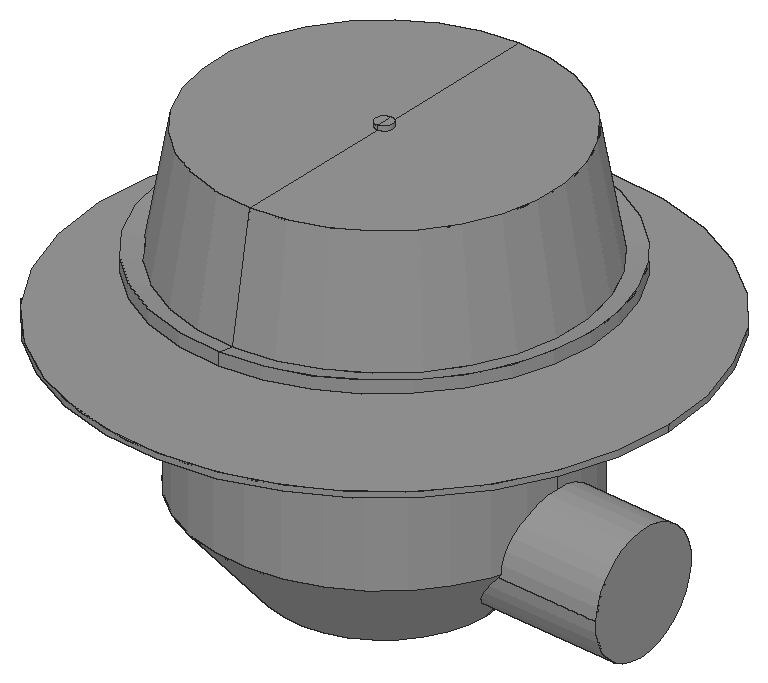
Revit family "HL_RU_Roof drain_HL64FSafe-B-221103", category Instalační zařizovací předměty, Revit 2021
Family settings
  Kóta kulaté spojky = Použít průměr
  Typ dílu = Normální
  Číslo OmniClass = 23.70.50.21.24.14
  Nadpis OmniClass = Deck Waste Water Drains
  Založené na pracovní rovině = Ne
  Vždy vertikální = Ano
  Ořezat dutým tvarem při načtení = Ne
  Sdílené = Ne
  Bod výpočtu místnosti = Ano
Parameters
  РЕШЁТКА = "Laubfangkorb d 262 mm"
  РАЗМЕР = "DN75"
  ПРОПУСКНАЯ СПОСОБНОСТЬ [instance] = 0.0 L/s
  ПРОИЗВОДИТЕЛЬНОСТЬ = "l/s"
  ПРАВОВАЯ ИНФОРМАЦИЯ = "Авторские права(©), права на дизайн или какие либо другие права интелектуальной собственности являются исключительной собственностью компании HL Hutterer & Lechner. Изменению не подлежит. Файл семейства с данными о прозводителе изделия защищен паролем с водяным знаком."
  НОМИНАЛЬНЫЙ ДИАМЕТР = 75 mm
  МАТЕРИАЛ = "PP"
  ВЫСОТА МОНТАЖА = "150mm"
  ВЕС = "2,163 [kg]"
  Výchozí výška = 0 mm
  Výrobce = "HL Hutterer & Lechner GmbH"  # constant formula
  URL = "http://www.hutterer-lechner.com/ru/products/catalog/roof-drains/HL64FSafe/7.aspx"
  Материал плитка [instance] = none
  Přípoj ventilace = no
  Přípoj odpadních dílů = yes
  Přípoj HW = no
  Přípoj CW = no
  Popis = "Кровельные воронки"
  Model = "HL64FSafe_7"
  Assembly Code = " "
  Type Comments = "HL64FSafe/7, Воронка для аварийного водостока с горизонтальным выпуском DN75 с корпусом из ПП, с возможностью регулировки толщины слоя воды"
  Keynote = "HL64FSafe_7"
  EAN = "9003076040995"
  Bысота монтажа [instance] = 28 mm  # constant formula
  G [instance] = 90.00°  # constant formula
  D [instance] = if(НОМИНАЛЬНЫЙ ДИАМЕТР = 75 mm, 162.8 mm, 178 mm)  # 162.8 mm
  C [instance] = if(Bысота монтажа - 68 mm < 0 mm, 0 mm, Bысота монтажа - 68 mm)  # 0 mm
  B [instance] = Bысота монтажа + if(НОМИНАЛЬНЫЙ ДИАМЕТР = 75 mm, 101 mm, 84 mm)  # 129 mm
  A [instance] = if(B - 100 mm > 15 mm, B - 100 mm, 15 mm)  # 29 mm
Types (3, lengths in mm): name | РАЗМЕР | НОМИНАЛЬНЫЙ ДИАМЕТР | ВЕС | URL | Model | Type Comments | Keynote | EAN | D | B | A
  (no name) | "DN75" | 75 | "2,163 [kg]" | "http://www.hutterer-lechner.com/ru/products/catalog/roof-drains/HL64FSafe/7.aspx" | "HL64FSafe_7" | "HL64FSafe/7, Воронка для аварийного водостока с горизонтальным выпуском DN75 с корпусом из ПП, с возможностью регулировки толщины слоя воды" | "HL64FSafe_7" | "9003076040995" | 162.8 | 129 | 29
  HL_Кровельная воронка_HL64FSafe_1 | "DN110" | 110 | "2,273 [kg]" | "http://www.hutterer-lechner.com/ru/products/catalog/roof-drains/HL64FSafe/1.aspx" | "HL64FSafe_1" | "HL64FSafe/1, Воронка для аварийного водостока с горизонтальным выпуском DN110 с корпусом из ПП, с возможностью регулировки толщины слоя воды" | "HL64FSafe_1" | "9003076041008" | 178 | 112 | 15
  HL_Кровельная воронка_HL64FSafe_7 | "DN75" | 75 | "2,163 [kg]" | "http://www.hutterer-lechner.com/ru/products/catalog/roof-drains/HL64FSafe/7.aspx" | "HL64FSafe_7" | "HL64FSafe/7, Воронка для аварийного водостока с горизонтальным выпуском DN75 с корпусом из ПП, с возможностью регулировки толщины слоя воды" | "HL64FSafe_7" | "9003076040995" | 162.8 | 129 | 29
Reference planes
  plane 1 "Center (Front/Back)": y = 0
  plane 2: z = 0
  plane 3 "Center (Left/Right)": x = 0
  plane 4: z = -129
  plane 5: z = -28
Lines and regions (mm)
  model lines, style "InvisibleLines"
    curve 1: line (0, 0, 0) -> (0, 0, 20)
  model lines, style "PlumbingFixtures", detail levels coarse+medium
    curve 2: line (0, 0, -129) -> (0, 0, -100)
    curve 3: line (0, 0, -100) -> (-100, 0, 0)
    curve 4: line (0, 0, -100) -> (100, 0, 0)
    curve 6: line (0, 0, -129) -> (162.8, 0, -129)
  reference lines, not visible
    curve 5: line (0, 0, -129) -> (162.8, 0, -129)
  symbolic lines, style "PlumbingFixtures", detail levels coarse+medium
    curve 7: line (-75, 75, 0) -> (75, 75, 0)
    curve 8: line (-75, -75, 0) -> (-75, 75, 0)
    curve 9: line (75, -75, 0) -> (-75, -75, 0)
    curve 10: line (75, 75, 0) -> (75, -75, 0)
    curve 11: line (-75, 75, 0) -> (-145.711, 145.711, 0)
    curve 12: line (75, 75, 0) -> (145.711, 145.711, 0)
    curve 13: line (-75, -75, 0) -> (-145.711, -145.711, 0)
    curve 14: line (75, -75, 0) -> (145.711, -145.711, 0)
  symbolic lines, style "PlumbingFixtures", not visible, detail levels coarse+medium
    curve 15: line (-75, 75, 0) -> (75, 75, 0)
    curve 16: line (-75, -75, 0) -> (-75, 75, 0)
    curve 17: line (75, -75, 0) -> (-75, -75, 0)
    curve 18: line (75, 75, 0) -> (75, -75, 0)
    curve 19: line (-75, 75, 0) -> (-145.711, 145.711, 0)
    curve 20: line (75, 75, 0) -> (145.711, 145.711, 0)
    curve 21: line (-75, -75, 0) -> (-145.711, -145.711, 0)
    curve 22: line (75, -75, 0) -> (145.711, -145.711, 0)
Text (mm)
  text "FLOOR" at (-162.344, 0, -10.979), in view "Drain Construction View"
Dimensions and locks
  "B": plane 2 to plane 4
  "Bысота монтажа": plane 2 to plane 5
  "A": curve 4 to plane 4
  "D": curve 5 to curve 5
  "D": curve 6 to curve 6
  locked: curve 4 to plane 3 "Center (Left/Right)" (angle 45.00°)
  locked: plane 3 "Center (Left/Right)" to curve 3 (angle 45.00°)
  "G": angle curve 5 to plane 3 "Center (Left/Right)"
  aligned and locked: level to plane 2
  aligned and locked: plane 2 to curve 4
  aligned and locked: plane 2 to curve 3
  aligned and locked: plane 4 to curve 5
  aligned and locked: plane 3 "Center (Left/Right)" to curve 5
  aligned and locked: plane 4 to curve 2
  aligned and locked: plane 3 "Center (Left/Right)" to curve 6
  aligned and locked: plane 4 to curve 6
  aligned and locked: nested 1 to plane 5
  aligned and locked: nested 2 to plane 2
  aligned and locked: plane 3 "Center (Left/Right)" to nested 2
Automatic sketch dimensions
  curve 2 to plane 3 "Center (Left/Right)" = 0 mm
  curve 1 to plane 3 "Center (Left/Right)" = 0 mm
  curve 1 to level = 0 mm
  level to curve 1 = 20 mm
Nested families
  nested 1: "HL_кровельные воронки - корпус_HL64F" at (0, 0, -28), НОМИНАЛЬНЫЙ ДИАМЕТР <- "НОМИНАЛЬНЫЙ ДИАМЕТР", type "HL_кровельные воронки - корпус_HL64F"
    with НОМИНАЛЬНЫЙ ДИАМЕТР 75 mm, L 164 mm, B 101.3 mm, A 92.3 mm
  nested 2: "HL_Вспомогательные материалы-Противопожарная защита_HL062.1Safe" at (0, 0, 0), Bысота монтажа <- "Bысота монтажа", type "HL_Вспомогательные материалы-Противопожарная защита_HL062.1Safe"
    with Пропускная способность 0.0 L/s, L 58 mm, IHmin 28 mm, IHmax 68 mm, Bысота монтажа 28 mm
Connectors
  piping at (162.8, 0, -129), diameter 75, driven by "ПРОПУСКНАЯ СПОСОБНОСТЬ", driven by "НОМИНАЛЬНЫЙ ДИАМЕТР"
    settings: on curve 5, index 1, connector inside diameter 609.6 mm, connector length 0 mm, flow factor 0, pipe flow 0.0 L/s, pressure drop 0.0 Pa, fitting loss kfactor 0, connector angle 0.00°, fixture units 0, engagement length 0 mm, angle of deflection 0.00°, flow configuration 1, flow direction 2, fitting loss method 0, system type 16, joint type 0, gender type 0, connector reference index -1, connector utility 0, adjustable connector yes, is connector primary yes, connector description ""
Definition of nested family "HL_кровельные воронки - корпус_HL64F"
  Parameters (values of type "HL_кровельные воронки - корпус_HL64F")
    НОМИНАЛЬНЫЙ ДИАМЕТР [instance] = 110 mm
    Default Elevation = 0 mm
    Manufacturer = ""
    URL = ""
    Description = ""
    Model = ""
    L [instance] = if(НОМИНАЛЬНЫЙ ДИАМЕТР = 75 mm, 164 mm, 178 mm)  # 178 mm
    Type Comments = ""
    Cost = 0
    B [instance] = if(НОМИНАЛЬНЫЙ ДИАМЕТР = 75 mm, 101.3 mm, 84 mm)  # 84 mm
    A [instance] = if(НОМИНАЛЬНЫЙ ДИАМЕТР = 75 mm, 92.3 mm, 75 mm)  # 75 mm
  Reference planes
    plane 1 "Střed (vpředu/vzadu)": y = 0
    plane 2: z = 0
    plane 3 "Střed (vlevo/vpravo)": x = 0
  Forms (mm)
    Extrusion 1, solid, detail levels fine
      sketch origin (-0.006, -0.073, 0) x (1, 0, 0) y (0, 1, 0)
        loop
          circle (0, 0) r 180
        loop
          circle (0, 0) r 78.913
      from 0 to -3.5
    Extrusion 2, solid, detail levels fine
      sketch origin (-0.006, -0.073, -3.5) x (0, 1, 0) y (1, 0, 0)
        loop
          circle (0, 0) r 140
      from 0 to 18
    Extrusion 3, solid, detail levels fine
      sketch origin (-0.006, -0.073, -21.5) x (-1, 0, 0) y (0, 1, 0)
        loop
          circle (0, 0) r 110
      from 0 to 73.906
    Blend 4, solid, detail levels fine
      base sketch origin (-0.006, -0.073, -95.406) x (0, -1, 0) y (1, 0, 0)
        loop
          circle (0, 0) r 110
      top sketch origin (-0.006, -0.073, -95.406) x (0, -1, 0) y (1, 0, 0)
        loop
          circle (0, 0) r 65
      from 0 to -53
    Revolve 5, void
      sketch origin (-0.006, -0.073, 0) x (1, 0, 0) y (0, 0, 1)
        loop
          line (-78.913, 0) -> (-78.913, -16.281) -> (-74.694, -23.588) -> (-74.694, -24.914) -> (-75.511, -24.914) -> (-75.511, -30.304) -> (-64.679, -30.304) -> (-64.679, -32.804) -> (0, -32.804) -> (0, 0) -> (-78.913, 0)
        axis (0, 0) -> (0, -32.804)
      angle from 0 to 360
    Extrusion 6, solid, detail levels fine
      sketch origin (179.329, 0, -54.515) x (0, -1, 0) y (-0.050544, 0, -0.998722)
        loop
          circle (0, 29.523) r 55
      from -0.064 to -99.364
  Cuts and joins
    Revolve 5 cuts Extrusion 1
    Revolve 5 cuts Extrusion 2
    Revolve 5 cuts Extrusion 3
  Lines and regions (mm)
    reference lines
      curve 1: line (0, 0, -75) -> (177.837, 0, -84)
  Dimensions and locks
    "B": plane 2 to curve 1
    "A": plane 2 to curve 1
    "L": Extrusion 6 to curve 1
    "НОМИНАЛЬНЫЙ ДИАМЕТР": diameter of Extrusion 6 sketch curve
    aligned and locked: level to plane 2
    aligned and locked: plane 3 "Střed (vlevo/vpravo)" to curve 1
  Automatic sketch dimensions
    Extrusion 1 sketch curve to Extrusion 1 sketch curve = 0 mm  (x2)
    Extrusion 1 sketch curve to plane 3 "Střed (vlevo/vpravo)" = 0.006 mm
    plane 1 "Střed (vpředu/vzadu)" to Extrusion 1 sketch curve = 0.073 mm
    Revolve 5 sketch curve to level = 0 mm
    Revolve 5 sketch curve to plane 3 "Střed (vlevo/vpravo)" = 78.919 mm
    Revolve 5 sketch curve to Revolve 5 sketch curve = 3.401 mm
    Revolve 5 sketch curve to Revolve 5 sketch curve = 0.817 mm
    Revolve 5 sketch curve to Revolve 5 sketch curve = 10.833 mm
    Revolve 5 sketch curve to plane 3 "Střed (vlevo/vpravo)" = 0.006 mm  (x2)
    Revolve 5 sketch curve to level = 16.281 mm
    Revolve 5 sketch curve to Revolve 5 sketch curve = 7.307 mm
    Revolve 5 sketch curve to Revolve 5 sketch curve = 1.326 mm
    Revolve 5 sketch curve to Revolve 5 sketch curve = 5.39 mm
    Revolve 5 sketch curve to level = 32.804 mm
    level to Revolve 5 sketch curve = 25 mm
    Revolve 5 sketch curve to Revolve 5 sketch curve = 50 mm
    plane 3 "Střed (vlevo/vpravo)" to curve 1 = 177.837 mm
    Extrusion 6 sketch curve to plane 1 "Střed (vpředu/vzadu)" = 0 mm
    radius of Extrusion 1 sketch curve = 180 mm
    radius of Extrusion 1 sketch curve = 78.913 mm
    radius of Extrusion 2 sketch curve to Extrusion 1 = 40 mm
    radius of Extrusion 3 sketch curve to Extrusion 2 = 30 mm
    radius of Blend 4 sketch curve to Extrusion 3 = 0 mm
    radius of Blend 4 sketch curve to Extrusion 3 = 45 mm
Definition of nested family "HL_Вспомогательные материалы-Противопожарная защита_HL062.1Safe"
  Parameters (values of type "HL_Вспомогательные материалы-Противопожарная защита_HL062.1Safe")
    РЕШЁТКА = "Laubfangkorb d 262 mm"
    ПРАВОВАЯ ИНФОРМАЦИЯ = "Авторские права(©), права на дизайн или какие либо другие права интелектуальной собственности являются исключительной собственностью компании HL Hutterer & Lechner. Изменению не подлежит. Файл семейства с данными о прозводителе изделия защищен паролем с водяным знаком."
    МАТЕРИАЛ = "PP"
    ВЕС = "1,25 [kg]"
    Default Elevation = 0 mm
    Manufacturer = "HL Hutterer & Lechner GmbH"
    URL = "http://www.hutterer-lechner.com/ru/products/catalog/roof-drains/HL062.1Safe.aspx"
    Материал плитка = none
    Description = "Кровельные воронки"
    Model = "HL062.1Safe"
    L [instance] = if(Bысота монтажа < IHmin, -100 mm, if(Bысота монтажа > IHmax, -100 mm, Bысота монтажа + 30 mm))  # 58 mm
    Type Comments = "HL062.1Safe, Вставка в воронку для аварийного водоотведения"
    Keynote = "HL062.1Safe"
    Bысота монтажа [instance] = 28 mm
    IHmin [instance] = 28 mm
    IHmax [instance] = 68 mm
    Пропускная способность [instance] = 0.0 L/s
    EAN = "9003076040605"
    Cost = 0
  Reference planes
    plane 1 "Střed (vpředu/vzadu)": y = 0
    plane 2: z = 0
    plane 3 "Střed (vlevo/vpravo)": x = 0
  Forms (mm)
    Revolve 1, solid, detail levels fine
      sketch origin (0, 0, 0) x (0, 1, 0) y (0, 0, 1)
        loop
          line (0, 81.1) -> (-5.25, 81.1) -> (-5.25, 78.5) -> (-106.614, 78.5) -> (-119.486, 5.5) -> (-101.611, 5.5) -> (-90.568, 68.124) -> (0, 68.124) -> (0, 81.1)
        axis (0, 81.1) -> (0, 5.5)
      angle from 0 to 360
    Extrusion 2, solid, detail levels fine
      sketch origin (0, 0, 68.124) x (-1, 0, 0) y (0, 1, 0)
        loop
          circle (-50, 0) r 11.945
      from 0 to 82.224
    Extrusion 3, solid, detail levels fine
      sketch origin (-100, 0, 68.124) x (-1, 0, 0) y (0, 1, 0)
        loop
          circle (-50, 0) r 11.945
      from 0 to 82.224
    Revolve 4, solid, detail levels fine
      sketch origin (0, 0, 0) x (0, 1, 0) y (0, 0, 1)
        loop
          line (-130.983, 7.735) -> (-130.983, 0) -> (-69.061, 0) -> (-64.445, -4.616) -> (-64.445, -65.123) -> (-63.068, -66.5) -> (-58.068, -66.5) -> (-58.068, -4.58) -> (-68.148, 5.5) -> (-119.486, 5.5) -> (-130.983, 7.735)
        axis (0, 7.735) -> (0, -66.5)
      angle from 0 to 360
    Revolve 5, solid, detail levels fine
      sketch origin (0, 69.895, -58) x (0, -1, 0) y (0, 0, -1)
        loop
          line (149.29, -29.5) -> (149.29, -9.5) -> (139.79, 0) -> (134.34, 0) -> (134.34, -44) -> (138.069, -44) -> (138.069, -29.5) -> (149.29, -29.5)
        axis (69.895, -44) -> (69.895, 0)
      angle from 0 to 360
  Lines and regions (mm)
    reference lines
      curve 1: line (0, 69.895, -58) -> (0, -190.105, -58)
  Dimensions and locks
    "L": curve 1 to plane 2
    aligned and locked: level to plane 2
  Automatic sketch dimensions
    Revolve 1 sketch curve to plane 1 "Střed (vpředu/vzadu)" = 0 mm  (x2)
    plane 1 "Střed (vpředu/vzadu)" to Revolve 1 sketch curve = 5.25 mm
    Revolve 1 sketch curve to Revolve 1 sketch curve = 85.318 mm
    level to Revolve 1 sketch curve = 5.5 mm
    Revolve 1 sketch curve to Revolve 1 sketch curve = 11.042 mm
    Revolve 1 sketch curve to Revolve 1 sketch curve = 16.046 mm
    Revolve 1 sketch curve to Revolve 1 sketch curve = 17.876 mm
    Revolve 1 sketch curve to Revolve 1 sketch curve = 62.624 mm
    Revolve 1 sketch curve to Revolve 1 sketch curve = 10.376 mm
    Revolve 1 sketch curve to Revolve 1 sketch curve = 2.6 mm
    Revolve 1 sketch curve to Revolve 1 sketch curve = 40 mm
    Revolve 1 sketch curve to Revolve 1 sketch curve = 25 mm
    Extrusion 2 sketch curve to Revolve 1 = 50 mm
    Revolve 1 to Extrusion 3 sketch curve = 50 mm
    level to Revolve 4 sketch curve = 0 mm
    Revolve 4 sketch curve to plane 1 "Střed (vpředu/vzadu)" = 0 mm
    plane 1 "Střed (vpředu/vzadu)" to Revolve 4 sketch curve = 58.068 mm
    Revolve 4 sketch curve to Revolve 4 sketch curve = 5 mm
    Revolve 4 sketch curve to Revolve 4 sketch curve = 1.377 mm  (x2)
    Revolve 4 sketch curve to Revolve 4 sketch curve = 3.703 mm
    Revolve 4 sketch curve to Revolve 4 sketch curve = 0.913 mm
    level to Revolve 4 sketch curve = 5.5 mm
    Revolve 4 sketch curve to Revolve 4 sketch curve = 50.425 mm
    Revolve 4 sketch curve to Revolve 4 sketch curve = 11.497 mm
    Revolve 4 sketch curve to level = 4.58 mm
    Revolve 4 sketch curve to level = 4.616 mm
    Revolve 4 sketch curve to Revolve 4 sketch curve = 60.507 mm
    level to Revolve 4 sketch curve = 7.735 mm
    Revolve 4 sketch curve to Revolve 4 sketch curve = 10 mm
    Revolve 4 sketch curve to Revolve 4 sketch curve = 35 mm
    Revolve 5 sketch curve to curve 1 = 0 mm
    curve 1 to Revolve 5 sketch curve = 44 mm
    Revolve 5 sketch curve to curve 1 = 125.66 mm
    Revolve 5 sketch curve to Revolve 5 sketch curve = 3.729 mm
    Revolve 5 sketch curve to Revolve 5 sketch curve = 5.45 mm
    Revolve 5 sketch curve to Revolve 5 sketch curve = 11.221 mm
    Revolve 5 sketch curve to Revolve 5 sketch curve = 14.5 mm
    curve 1 to Revolve 5 sketch curve = 9.5 mm
    curve 1 to Revolve 5 sketch curve = 69.895 mm
    Revolve 5 sketch curve to curve 1 = 15 mm
    Revolve 5 sketch curve to Revolve 5 sketch curve = 40 mm
    plane 1 "Střed (vpředu/vzadu)" to curve 1 = 190.105 mm
    curve 1 to plane 1 "Střed (vpředu/vzadu)" = 69.895 mm
    radius of Extrusion 2 sketch curve = 11.945 mm
    radius of Extrusion 3 sketch curve = 11.945 mm
